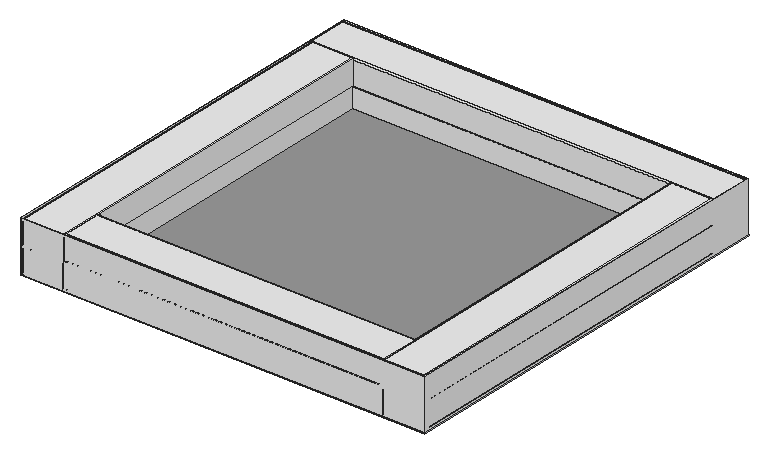
Revit family "OTLO", category Lighting Fixtures, host Ceiling, Revit 2019
Family settings
  Host = Ceiling
  Round Connector Dimension = Use Diameter
  Part Type = Normal
  OmniClass Number = 23.80.70.11
  OmniClass Title = Luminaries for Internal Lighting
  Always vertical = Yes
  Cut with Voids When Loaded = No
  Light Source = Yes
  Shared = No
  Room Calculation Point = No
Parameters (values of type "OTLO2X2-LED840K020LUNV")
  Width = 1' - 11 3/4"
  Wattage = 19 W
  built-in parameter 1150110 = 1 (stored number, unit not read)
  Voltage = 120 V
  URL = "https://www.viscor.com/en/products/otlo"
  built-in parameter 1114217 = 0.9 (stored number, unit not read)
  Tilt Angle = 90.00°
  built-in parameter 1150109 = 1 (stored number, unit not read)
  built-in parameter 1150134 = 12
  built-in parameter 1150113 = 1 (stored number, unit not read)
  Photometric Web File = "OTLO2X2-LED840K020LUNV.ies"
  Model = "OTLO"  # constant formula
  Manufacturer = "VISIONEERING by VISCOR"  # constant formula
  Lumens = 1843 lm
  built-in parameter 1150115 = 1 (stored number, unit not read)
  built-in parameter 1150105 = 146.66 (stored number, unit not read)
  built-in parameter 1150137 = (empty or 0)
  built-in parameter 1150139 = (empty or 0)
  Lens Finish = Polycarbonate - Viscor - Frosted Flat
  Length = 1' - 11 3/4"
  Lamp Wattage = 19 VA
  built-in parameter 1150112 = 1 (stored number, unit not read)
  built-in parameter 1150114 = 1 (stored number, unit not read)
  Lamp = "LED"  # constant formula
  Keynote = ""
  built-in parameter 1150132 = (empty or 0)
  built-in parameter 1150102 = (empty or 0)
  built-in parameter 1150138 = (empty or 0)
  built-in parameter 1150107 = 4000 (stored number, unit not read)
  built-in parameter 1150106 = 1.4666 (stored number, unit not read)
  Housing Finish = Metal - Viscor - White
  Emit from Rectangle Width = Width  # 1' - 11 3/4"
  Emit from Rectangle Length = Length  # 1' - 11 3/4"
  Emit Shape Visible in Rendering = no
  built-in parameter 1150104 = 9.0116 (stored number, unit not read)
  Dimming Lamp Color Temperature Shift = <None>
  Description = "LED Troffer Dish Outline Type O"  # constant formula
  Color Filter = 16777215
  built-in parameter 1114218 = 1 (stored number, unit not read)
  built-in parameter 1150133 = 10 (stored number, unit not read)
  Assembly Code = "D5020200"
  Apparent Load = Lamp Wattage  # 19 VA
  Acoustic Tile = Acoustic Ceiling Tile 24 x 24
Types (3): name | Wattage | URL | Photometric Web File | Lumens | built-in parameter 1150105 | Lamp Wattage | built-in parameter 1150106 | built-in parameter 1150104 | Apparent Load
  (no name) | 19 W | "https://www.viscor.com/en/products/otlo" | "OTLO2X2-LED840K020LUNV.ies" | 1843 lm | 146.66 (stored number, unit not read) | 19 VA | 1.4666 (stored number, unit not read) | 9.0116 (stored number, unit not read) | 19 VA
  OTLO2X2-LED840K020LUNV | 19 W | "https://www.viscor.com/en/products/otlo" | "OTLO2X2-LED840K020LUNV.ies" | 1843 lm | 146.66 (stored number, unit not read) | 19 VA | 1.4666 (stored number, unit not read) | 9.0116 (stored number, unit not read) | 19 VA
  OTLO2X2-LED840K040LUNV | 36 W | "https://www.viscor.com/en/products/otll" | "OTLO2X2-LED840K040LUNV-G003822.IES" | 3672 lm | 292.21 (stored number, unit not read) | 36 VA | 2.9221 (stored number, unit not read) | 9.4761 (stored number, unit not read) | 36 VA
Reference planes (in)
  plane 1 "Light Source Axis (F/B)": y = 0
  plane 2 "Ceiling": z = 96
  plane 3 "Light Source Axis (L/R)": x = 0
  plane 4 "Light Source Elevation": z = 96
  plane 5: x = -11.875
  plane 6: x = 11.875
  plane 7: y = 11.875
  plane 8: y = -11.875
  plane 9 "Flange": z = 96.031
  plane 10: x = -11.84375
  plane 11: x = 11.84375
  plane 12: y = -11.84375
  plane 13: y = 9.344
Forms (in)
  Extrusion 1, solid, material "Metal - Viscor - White" <- "Housing Finish"
    sketch origin (0, 0, 96.031) x (0, 1, 0) y (-1, 0, 0)
      loop
        line (-11.875, 11.875) -> (-11.875, -11.875) -> (11.875, -11.875) -> (11.875, 11.875) -> (-11.875, 11.875)
      loop
        line (-11.84375, 11.84375) -> (-11.84375, -11.84375) -> (11.84375, -11.84375) -> (11.84375, 11.84375) -> (-11.84375, 11.84375)
    from 0 to 2.969
  Extrusion 2, solid
    sketch origin (0, 0, 96) x (1, 0, 0) y (0, 1, 0)
      loop
        line (-11.875, -11.875) -> (11.875, -11.875) -> (11.875, 11.875) -> (-11.875, 11.875) -> (-11.875, -11.875)
      loop
        line (-11.5, -11.5) -> (11.5, -11.5) -> (11.5, 11.5) -> (-11.5, 11.5) -> (-11.5, -11.5)
    from 0 to 0.031
  Extrusion 3, void
    sketch origin (0, 0, 96) x (1, 0, 0) y (0, 1, 0)
      loop
        line (-11.875, -11.875) -> (11.875, -11.875) -> (11.875, 11.875) -> (-11.875, 11.875) -> (-11.875, -11.875)
    from -0.61361 to 3.47685
  Extrusion 4, solid, material "Metal - Viscor - White" <- "Housing Finish"
    sketch origin (0, 0, 96) x (1, 0, 0) y (0, 1, 0)
      loop
        line (-9.75, -9.75) -> (9.75, -9.75) -> (9.75, 9.75) -> (-9.75, 9.75) -> (-9.75, -9.75)
      loop
        line (-8.875, 8.875) -> (-8.875, -8.875) -> (8.875, -8.875) -> (8.875, 8.875) -> (-8.875, 8.875)
    from 0 to 0.031
  Extrusion 5, solid, material "Metal - Viscor - White" <- "Housing Finish"
    sketch origin (0, 0, 0) x (0, 1, 0) y (0, 0, 1)
      loop
        arc (11.734, 97.556) -> (11.77784, 97.57416) -> (11.796, 97.618) r 0.062
        line (11.796, 97.618) -> (11.796, 98.931)
        arc (11.796, 98.931) -> (11.77784, 98.97484) -> (11.734, 98.993) r 0.062
        line (11.734, 98.993) -> (9.406, 98.993)
        arc (9.406, 98.993) -> (9.36216, 98.97484) -> (9.344, 98.931) r 0.062
        line (9.344, 98.931) -> (9.344, 97.56) -> (9.37525, 97.56) -> (9.37525, 98.931)
        arc (9.37525, 98.931) -> (9.38426, 98.95274) -> (9.406, 98.96175) r 0.03075
        line (9.406, 98.96175) -> (11.734, 98.96175)
        arc (11.734, 98.96175) -> (11.75574, 98.95274) -> (11.76475, 98.931) r 0.03075
        line (11.76475, 98.931) -> (11.76475, 97.618)
        arc (11.76475, 97.618) -> (11.75574, 97.59626) -> (11.734, 97.58725) r 0.03075
        line (11.734, 97.58725) -> (11.273, 97.58725) -> (11.273, 97.556) -> (11.734, 97.556)
    from -11.84375 to 11.84375
  Extrusion 6, solid, material "Metal - Viscor - White" <- "Housing Finish"
    sketch origin (0.0075, 0.51817, 0) x (-1, 0, 0) y (0, 0, 1)
      loop
        arc (11.734, 97.556) -> (11.77784, 97.57416) -> (11.796, 97.618) r 0.062
        line (11.796, 97.618) -> (11.796, 98.931)
        arc (11.796, 98.931) -> (11.77784, 98.97484) -> (11.734, 98.993) r 0.062
        line (11.734, 98.993) -> (9.406, 98.993)
        arc (9.406, 98.993) -> (9.36216, 98.97484) -> (9.344, 98.931) r 0.062
        line (9.344, 98.931) -> (9.344, 97.56) -> (9.37525, 97.56) -> (9.37525, 98.931)
        arc (9.37525, 98.931) -> (9.38426, 98.95274) -> (9.406, 98.96175) r 0.03075
        line (9.406, 98.96175) -> (11.734, 98.96175)
        arc (11.734, 98.96175) -> (11.75574, 98.95274) -> (11.76475, 98.931) r 0.03075
        line (11.76475, 98.931) -> (11.76475, 97.618)
        arc (11.76475, 97.618) -> (11.75574, 97.59626) -> (11.734, 97.58725) r 0.03075
        line (11.734, 97.58725) -> (11.273, 97.58725) -> (11.273, 97.556) -> (11.734, 97.556)
    from -12.36192 to 8.82583
  Extrusion 7, solid, material "Metal - Viscor - White" <- "Housing Finish"
    sketch origin (0, 0, 0) x (0, 1, 0) y (0, 0, 1)
      loop
        line (9.367, 96.124) -> (9.39825, 96.124) -> (9.39825, 97.5)
        arc (9.39825, 97.5) -> (9.40726, 97.52174) -> (9.429, 97.53075) r 0.03075
        line (9.429, 97.53075) -> (11.711, 97.53075)
        arc (11.711, 97.53075) -> (11.73274, 97.52174) -> (11.74175, 97.5) r 0.03075
        line (11.74175, 97.5) -> (11.74175, 96.132)
        arc (11.74175, 96.132) -> (11.73274, 96.11026) -> (11.711, 96.10125) r 0.03075
        line (11.711, 96.10125) -> (11.492, 96.10125) -> (11.492, 96.07) -> (11.711, 96.07)
        arc (11.711, 96.07) -> (11.75484, 96.08816) -> (11.773, 96.132) r 0.062
        line (11.773, 96.132) -> (11.773, 97.5)
        arc (11.773, 97.5) -> (11.75484, 97.54384) -> (11.711, 97.562) r 0.062
        line (11.711, 97.562) -> (9.429, 97.562)
        arc (9.429, 97.562) -> (9.38516, 97.54384) -> (9.367, 97.5) r 0.062
        line (9.367, 97.5) -> (9.367, 96.124)
    from -11.84375 to 11.84375
  Extrusion 8, solid, material "Metal - Viscor - White" <- "Housing Finish"
    sketch origin (-0.00812, -3.63733, 0) x (-1, 0, 0) y (0, 0, 1)
      loop
        line (9.367, 96.124) -> (9.39825, 96.124) -> (9.39825, 97.5)
        arc (9.39825, 97.5) -> (9.40726, 97.52174) -> (9.429, 97.53075) r 0.03075
        line (9.429, 97.53075) -> (11.711, 97.53075)
        arc (11.711, 97.53075) -> (11.73274, 97.52174) -> (11.74175, 97.5) r 0.03075
        line (11.74175, 97.5) -> (11.74175, 96.132)
        arc (11.74175, 96.132) -> (11.73274, 96.11026) -> (11.711, 96.10125) r 0.03075
        line (11.711, 96.10125) -> (11.492, 96.10125) -> (11.492, 96.07) -> (11.711, 96.07)
        arc (11.711, 96.07) -> (11.75484, 96.08816) -> (11.773, 96.132) r 0.062
        line (11.773, 96.132) -> (11.773, 97.5)
        arc (11.773, 97.5) -> (11.75484, 97.54384) -> (11.711, 97.562) r 0.062
        line (11.711, 97.562) -> (9.429, 97.562)
        arc (9.429, 97.562) -> (9.38516, 97.54384) -> (9.367, 97.5) r 0.062
        line (9.367, 97.5) -> (9.367, 96.124)
    from -8.20642 to 12.98133
  Extrusion 9, solid, material "Polycarbonate - Viscor - Frosted Flat" <- "Lens Finish"
    sketch origin (0, 0, 96.031) x (0, 1, 0) y (-1, 0, 0)
      loop
        line (-11.5625, 11.5625) -> (-11.5625, -11.5625) -> (11.5625, -11.5625) -> (11.5625, 11.5625) -> (-11.5625, 11.5625)
      loop
        line (-9.6875, 9.6875) -> (-9.6875, -9.6875) -> (9.6875, -9.6875) -> (9.6875, 9.6875) -> (-9.6875, 9.6875)
    from 0 to 0.0625
  Extrusion 10, solid, material "Acoustic Ceiling Tile 24 x 24" <- "Acoustic Tile"
    sketch origin (0, 0, 96) x (1, 0, 0) y (0, 1, 0)
      loop
        line (-9.125, -9.33304) -> (9.25, -9.33304) -> (9.25, 9.125) -> (-9.125, 9.125) -> (-9.125, -9.33304)
    from 0 to 0.5
  Extrusion 11, solid, material "Metal - Viscor - White" <- "Housing Finish"
    sketch origin (0, 0, 0) x (0, -1, 0) y (0, 0, -1)
      loop
        line (9.367, -96.124) -> (9.367, -97.5)
        arc (9.367, -97.5) -> (9.38516, -97.54384) -> (9.429, -97.562) r 0.062
        line (9.429, -97.562) -> (11.711, -97.562)
        arc (11.711, -97.562) -> (11.75484, -97.54384) -> (11.773, -97.5) r 0.062
        line (11.773, -97.5) -> (11.773, -96.132)
        arc (11.773, -96.132) -> (11.75484, -96.08816) -> (11.711, -96.07) r 0.062
        line (11.711, -96.07) -> (11.492, -96.07) -> (11.492, -96.10125) -> (11.711, -96.10125)
        arc (11.711, -96.10125) -> (11.73274, -96.11026) -> (11.74175, -96.132) r 0.03075
        line (11.74175, -96.132) -> (11.74175, -97.5)
        arc (11.74175, -97.5) -> (11.73274, -97.52174) -> (11.711, -97.53075) r 0.03075
        line (11.711, -97.53075) -> (9.429, -97.53075)
        arc (9.429, -97.53075) -> (9.40726, -97.52174) -> (9.39825, -97.5) r 0.03075
        line (9.39825, -97.5) -> (9.39825, -96.124) -> (9.367, -96.124)
    from -9.3365 to 9.37512
  Extrusion 12, solid, material "Metal - Viscor - White" <- "Housing Finish"
    sketch origin (0, 0, 0) x (0, -1, 0) y (0, 0, -1)
      loop
        line (11.734, -97.556) -> (11.273, -97.556) -> (11.273, -97.58725) -> (11.734, -97.58725)
        arc (11.734, -97.58725) -> (11.75574, -97.59626) -> (11.76475, -97.618) r 0.03075
        line (11.76475, -97.618) -> (11.76475, -98.931)
        arc (11.76475, -98.931) -> (11.75574, -98.95274) -> (11.734, -98.96175) r 0.03075
        line (11.734, -98.96175) -> (9.406, -98.96175)
        arc (9.406, -98.96175) -> (9.38426, -98.95274) -> (9.37525, -98.931) r 0.03075
        line (9.37525, -98.931) -> (9.37525, -97.56) -> (9.344, -97.56) -> (9.344, -98.931)
        arc (9.344, -98.931) -> (9.36216, -98.97484) -> (9.406, -98.993) r 0.062
        line (9.406, -98.993) -> (11.734, -98.993)
        arc (11.734, -98.993) -> (11.77784, -98.97484) -> (11.796, -98.931) r 0.062
        line (11.796, -98.931) -> (11.796, -97.618)
        arc (11.796, -97.618) -> (11.77784, -97.57416) -> (11.734, -97.556) r 0.062
    from -9.3365 to 9.37512
  Extrusion 13, solid, material "Metal - Viscor - White" <- "Housing Finish"
    sketch origin (0.00812, -3.63733, 0) x (1, 0, 0) y (0, 0, -1)
      loop
        line (9.367, -96.124) -> (9.367, -97.5)
        arc (9.367, -97.5) -> (9.38516, -97.54384) -> (9.429, -97.562) r 0.062
        line (9.429, -97.562) -> (11.711, -97.562)
        arc (11.711, -97.562) -> (11.75484, -97.54384) -> (11.773, -97.5) r 0.062
        line (11.773, -97.5) -> (11.773, -96.132)
        arc (11.773, -96.132) -> (11.75484, -96.08816) -> (11.711, -96.07) r 0.062
        line (11.711, -96.07) -> (11.492, -96.07) -> (11.492, -96.10125) -> (11.711, -96.10125)
        arc (11.711, -96.10125) -> (11.73274, -96.11026) -> (11.74175, -96.132) r 0.03075
        line (11.74175, -96.132) -> (11.74175, -97.5)
        arc (11.74175, -97.5) -> (11.73274, -97.52174) -> (11.711, -97.53075) r 0.03075
        line (11.711, -97.53075) -> (9.429, -97.53075)
        arc (9.429, -97.53075) -> (9.40726, -97.52174) -> (9.39825, -97.5) r 0.03075
        line (9.39825, -97.5) -> (9.39825, -96.124) -> (9.367, -96.124)
    from -8.20642 to 12.98133
  Extrusion 14, solid, material "Metal - Viscor - White" <- "Housing Finish"
    sketch origin (-0.0075, 0.51817, 0) x (1, 0, 0) y (0, 0, -1)
      loop
        line (11.734, -97.556) -> (11.273, -97.556) -> (11.273, -97.58725) -> (11.734, -97.58725)
        arc (11.734, -97.58725) -> (11.75574, -97.59626) -> (11.76475, -97.618) r 0.03075
        line (11.76475, -97.618) -> (11.76475, -98.931)
        arc (11.76475, -98.931) -> (11.75574, -98.95274) -> (11.734, -98.96175) r 0.03075
        line (11.734, -98.96175) -> (9.406, -98.96175)
        arc (9.406, -98.96175) -> (9.38426, -98.95274) -> (9.37525, -98.931) r 0.03075
        line (9.37525, -98.931) -> (9.37525, -97.56) -> (9.344, -97.56) -> (9.344, -98.931)
        arc (9.344, -98.931) -> (9.36216, -98.97484) -> (9.406, -98.993) r 0.062
        line (9.406, -98.993) -> (11.734, -98.993)
        arc (11.734, -98.993) -> (11.77784, -98.97484) -> (11.796, -98.931) r 0.062
        line (11.796, -98.931) -> (11.796, -97.618)
        arc (11.796, -97.618) -> (11.77784, -97.57416) -> (11.734, -97.556) r 0.062
    from -12.36192 to 8.82583
Dimensions and locks (in)
  equal spacing: host sketch curve, plane 3 "Light Source Axis (L/R)", host sketch curve
  equal spacing: host sketch curve, plane 1 "Light Source Axis (F/B)", host sketch curve
  host sketch curve to host sketch curve = 10' - 0"  (x2)
  equal spacing: plane 5, plane 3 "Light Source Axis (L/R)", plane 6
  "Length": plane 5 to plane 6
  equal spacing: plane 7, plane 1 "Light Source Axis (F/B)", plane 8
  "Width": plane 7 to plane 8
  locked: plane 4 "Light Source Elevation" to plane 9 "Flange" at 0.031
  locked: Extrusion 2 to Extrusion 4 sketch curve at 1.75
  locked: Extrusion 4 sketch curve to Extrusion 2 at 1.75
  locked: plane 5 to plane 10 at 0.03125
  locked: plane 11 to plane 6 at 0.03125
  locked: plane 12 to plane 8 at 0.03125
  locked: plane 13 to plane 7 at 2.531
  aligned and locked: plane 3 "Light Source Axis (L/R)" to imposter light
  aligned and locked: plane 1 "Light Source Axis (F/B)" to imposter light
  aligned and locked: plane 4 "Light Source Elevation" to imposter light
  aligned and locked: Extrusion 1 sketch curve to plane 8
  aligned and locked: Extrusion 1 sketch curve to plane 5
  aligned and locked: plane 6 to Extrusion 1
  aligned and locked: plane 7 to Extrusion 1
  aligned and locked: plane 7 to Extrusion 3
  aligned and locked: Extrusion 3 to plane 8
  aligned and locked: plane 6 to Extrusion 3
  aligned and locked: Extrusion 3 to plane 5
  aligned and locked: Extrusion 5 to plane 10
  aligned and locked: plane 11 to Extrusion 5
  aligned and locked: Extrusion 6 to plane 13
  aligned and locked: Extrusion 6 to plane 12
  aligned and locked: Extrusion 7 to plane 10
  aligned and locked: plane 11 to Extrusion 7
  aligned and locked: Extrusion 8 to plane 13
  aligned and locked: Extrusion 8 to plane 12
Automatic sketch dimensions
  Extrusion 1 sketch curve to plane 11 = 0' - 0"
  plane 12 to Extrusion 1 sketch curve = 0' - 0"
  Extrusion 1 sketch curve to plane 10 = 0' - 0"
  Extrusion 1 sketch curve to plane 6 = 0' - 0"
  Extrusion 1 sketch curve to plane 7 = 0' - 0"
  Extrusion 1 sketch curve to plane 7 = 0' - 0 1/32"
  Extrusion 2 sketch curve to plane 5 = 0' - 0"
  Extrusion 2 sketch curve to plane 6 = 0' - 0"
  Extrusion 2 sketch curve to plane 8 = 0' - 0"
  Extrusion 2 sketch curve to plane 7 = 0' - 0"
  plane 10 to Extrusion 2 sketch curve = 0' - 0 11/32"
  Extrusion 2 sketch curve to plane 11 = 0' - 0 11/32"
  plane 12 to Extrusion 2 sketch curve = 0' - 0 11/32"
  Extrusion 2 sketch curve to plane 7 = 0' - 0 3/8"
  Extrusion 3 sketch curve to plane 5 = 0' - 0"
  Extrusion 3 sketch curve to plane 6 = 0' - 0"
  Extrusion 3 sketch curve to plane 8 = 0' - 0"
  Extrusion 3 sketch curve to plane 7 = 0' - 0"
  Extrusion 4 sketch curve to Extrusion 4 sketch curve = 0' - 0 7/8"  (x3)
  plane 13 to Extrusion 4 sketch curve = 0' - 0.469"
  Extrusion 4 sketch curve to plane 11 = 0' - 2 31/32"
  plane 12 to Extrusion 4 sketch curve = 0' - 2 31/32"
  Extrusion 5 sketch curve to Extrusion 5 sketch curve = 0' - 0"  (x6)
  Extrusion 5 sketch curve to plane 13 = 0' - 0"
  Extrusion 5 sketch curve to Extrusion 5 sketch curve = 0' - 0 1/32"
  Extrusion 5 sketch curve to Extrusion 5 sketch curve = 0' - 0.03075"  (x2)
  Extrusion 5 sketch curve to plane 7 = 0' - 0.602"
  Extrusion 5 sketch curve to plane 7 = 0' - 0.141"  (x2)
  plane 9 "Flange" to Extrusion 5 sketch curve = 0' - 1.525"
  plane 9 "Flange" to Extrusion 5 sketch curve = 0' - 1.529"
  Extrusion 5 sketch curve to Extrusion 5 sketch curve = 0' - 1.313"
  Extrusion 6 sketch curve to Extrusion 6 sketch curve = 0' - 0"  (x6)
  plane 10 to Extrusion 6 sketch curve = 0' - 2.50725"
  Extrusion 6 sketch curve to Extrusion 6 sketch curve = 0' - 0 1/32"
  Extrusion 6 sketch curve to Extrusion 6 sketch curve = 0' - 0.03075"  (x2)
  plane 10 to Extrusion 6 sketch curve = 0' - 0.57825"
  plane 10 to Extrusion 6 sketch curve = 0' - 0.11725"  (x2)
  plane 9 "Flange" to Extrusion 6 sketch curve = 0' - 1.525"
  plane 9 "Flange" to Extrusion 6 sketch curve = 0' - 1.529"
  Extrusion 6 sketch curve to Extrusion 6 sketch curve = 0' - 1.313"
  Extrusion 7 sketch curve to Extrusion 7 sketch curve = 0' - 0"  (x6)
  Extrusion 7 sketch curve to plane 13 = 0' - 0.023"
  Extrusion 7 sketch curve to Extrusion 7 sketch curve = 0' - 0 1/32"
  Extrusion 7 sketch curve to Extrusion 7 sketch curve = 0' - 0.03075"  (x2)
  plane 9 "Flange" to Extrusion 7 sketch curve = 0' - 0.039"
  Extrusion 7 sketch curve to plane 7 = 0' - 0.383"
  Extrusion 7 sketch curve to plane 7 = 0' - 0.164"  (x2)
  plane 9 "Flange" to Extrusion 7 sketch curve = 0' - 0.093"
  Extrusion 7 sketch curve to Extrusion 7 sketch curve = 0' - 1.368"
  Extrusion 8 sketch curve to Extrusion 8 sketch curve = 0' - 0"  (x6)
  plane 10 to Extrusion 8 sketch curve = 0' - 2.46863"
  Extrusion 8 sketch curve to Extrusion 8 sketch curve = 0' - 0 1/32"
  Extrusion 8 sketch curve to Extrusion 8 sketch curve = 0' - 0.03075"  (x2)
  plane 9 "Flange" to Extrusion 8 sketch curve = 0' - 0.039"
  plane 10 to Extrusion 8 sketch curve = 0' - 0.34363"
  plane 10 to Extrusion 8 sketch curve = 0' - 0.12463"  (x2)
  plane 9 "Flange" to Extrusion 8 sketch curve = 0' - 0.093"
  Extrusion 8 sketch curve to Extrusion 8 sketch curve = 0' - 1.368"
  plane 12 to Extrusion 9 sketch curve = 0' - 0 9/32"
  plane 12 to Extrusion 9 sketch curve = 0' - 2 5/32"
  Extrusion 9 sketch curve to plane 13 = 0' - 0.3435"
  Extrusion 9 sketch curve to plane 7 = 0' - 0 5/16"
  Extrusion 9 sketch curve to plane 11 = 0' - 0 9/32"
  Extrusion 9 sketch curve to plane 11 = 0' - 2 5/32"
  plane 10 to Extrusion 9 sketch curve = 0' - 2 5/32"
  plane 10 to Extrusion 9 sketch curve = 0' - 0 9/32"
  plane 13 to Extrusion 10 sketch curve = 0' - 0.219"
  plane 10 to Extrusion 10 sketch curve = 0' - 2 23/32"
  Extrusion 10 sketch curve to plane 11 = 0' - 2 19/32"
  plane 12 to Extrusion 10 sketch curve = 0' - 2.51071"
  Extrusion 11 sketch curve to Extrusion 11 sketch curve = 0' - 0"  (x6)
  Extrusion 11 sketch curve to plane 12 = 0' - 2.47675"
  Extrusion 11 sketch curve to Extrusion 11 sketch curve = 0' - 0 1/32"
  Extrusion 11 sketch curve to Extrusion 11 sketch curve = 0' - 0.03075"  (x2)
  Extrusion 11 sketch curve to plane 9 "Flange" = 0' - 0.039"
  Extrusion 11 sketch curve to plane 12 = 0' - 0.35175"
  Extrusion 11 sketch curve to plane 12 = 0' - 0.13275"  (x2)
  Extrusion 11 sketch curve to plane 9 "Flange" = 0' - 0.093"
  Extrusion 11 sketch curve to Extrusion 11 sketch curve = 0' - 1.368"
  Extrusion 12 sketch curve to Extrusion 12 sketch curve = 0' - 0"  (x6)
  Extrusion 12 sketch curve to plane 12 = 0' - 2.49975"
  Extrusion 12 sketch curve to Extrusion 12 sketch curve = 0' - 0 1/32"
  Extrusion 12 sketch curve to Extrusion 12 sketch curve = 0' - 0.03075"  (x2)
  Extrusion 12 sketch curve to plane 12 = 0' - 0.57075"
  Extrusion 12 sketch curve to plane 12 = 0' - 0.10975"  (x2)
  Extrusion 12 sketch curve to plane 9 "Flange" = 0' - 1.525"
  Extrusion 12 sketch curve to plane 9 "Flange" = 0' - 1.529"
  Extrusion 12 sketch curve to Extrusion 12 sketch curve = 0' - 1.313"
  Extrusion 13 sketch curve to Extrusion 13 sketch curve = 0' - 0"  (x6)
  Extrusion 13 sketch curve to plane 11 = 0' - 2.46863"
  Extrusion 13 sketch curve to Extrusion 13 sketch curve = 0' - 0 1/32"
  Extrusion 13 sketch curve to Extrusion 13 sketch curve = 0' - 0.03075"  (x2)
  plane 9 "Flange" to Extrusion 13 sketch curve = 0' - 0.039"
  Extrusion 13 sketch curve to plane 11 = 0' - 0.34363"
  Extrusion 13 sketch curve to plane 11 = 0' - 0.12463"  (x2)
  Extrusion 13 sketch curve to Extrusion 13 sketch curve = 0' - 1.368"
  plane 9 "Flange" to Extrusion 13 sketch curve = 0' - 0.093"
  Extrusion 14 sketch curve to Extrusion 14 sketch curve = 0' - 0"  (x6)
  Extrusion 14 sketch curve to plane 11 = 0' - 2.50725"
  Extrusion 14 sketch curve to Extrusion 14 sketch curve = 0' - 0 1/32"
  Extrusion 14 sketch curve to Extrusion 14 sketch curve = 0' - 0.03075"  (x2)
  Extrusion 14 sketch curve to plane 11 = 0' - 0.57825"
  Extrusion 14 sketch curve to plane 11 = 0' - 0.11725"  (x2)
  plane 9 "Flange" to Extrusion 14 sketch curve = 0' - 2.962"
  Extrusion 14 sketch curve to Extrusion 14 sketch curve = 0' - 1.313"
  Extrusion 14 sketch curve to Extrusion 14 sketch curve = 0' - 1.371"
Connectors (in)
  electrical at (0, 0, 96), driven by "Voltage", driven by "Apparent Load"
    settings: index 1, voltage 120 V, apparent load 0 VA, apparent load phase1 19 VA, apparent load phase2 0 VA, apparent load phase3 0 VA, power factor 1, load classification "Other", number of poles 1, system type 31, power factor state 1, is connector primary yes, connector utility no, sub classification motor no, connector description ""
